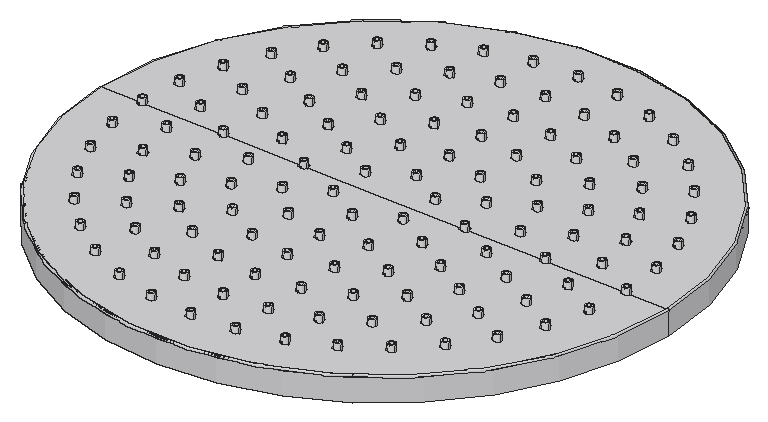
Revit family "Shower-Showerhead-KOHLER-Katalyst_Air-K-18359A_1", category Plumbing Fixtures, host Face, Revit 2017 (continued)
Definition of nested family "K-18359A"
  Lines and regions (in)
    symbolic lines, detail levels medium+fine
      curve 702: arc (-0.66276, -3.46971, 0) -> (-0.73914, -3.39333, 0) -> (-0.81552, -3.46971, 0) r 0.07638
      curve 703: arc (-0.77038, -2.74131, 0) -> (-0.73101, -2.70194, 0) -> (-0.69164, -2.74131, 0) r 0.03937
      curve 704: arc (-0.66998, -2.74131, 0) -> (-0.73101, -2.68028, 0) -> (-0.79203, -2.74131, 0) r 0.06102
      curve 705: arc (-0.65463, -2.74131, 0) -> (-0.73101, -2.66493, 0) -> (-0.80738, -2.74131, 0) r 0.07638
      curve 706: arc (-0.69164, -2.74131, 0) -> (-0.73101, -2.78068, 0) -> (-0.77038, -2.74131, 0) r 0.03937
      curve 707: arc (-0.79203, -2.74131, 0) -> (-0.73101, -2.80233, 0) -> (-0.66998, -2.74131, 0) r 0.06102
      curve 708: arc (-0.80738, -2.74131, 0) -> (-0.73101, -2.81768, 0) -> (-0.65463, -2.74131, 0) r 0.07638
      curve 709: arc (-0.74405, -1.22729, 0) -> (-0.70468, -1.18792, 0) -> (-0.66531, -1.22729, 0) r 0.03937
      curve 710: arc (0.80227, -1.99697, 0) -> (0.72589, -2.07335, 0) -> (0.64951, -1.99697, 0) r 0.07638
      curve 711: arc (3.48644, -0.373, 0) -> (3.52581, -0.41237, 0) -> (3.56518, -0.373, 0) r 0.03937
      curve 712: arc (3.56518, -0.373, 0) -> (3.52581, -0.33363, 0) -> (3.48644, -0.373, 0) r 0.03937
      curve 713: arc (3.58684, -0.373, 0) -> (3.52581, -0.43402, 0) -> (3.46479, -0.373, 0) r 0.06102
      curve 714: arc (3.60219, -0.373, 0) -> (3.52581, -0.44938, 0) -> (3.44943, -0.373, 0) r 0.07638
      curve 715: arc (3.46479, -0.373, 0) -> (3.52581, -0.31198, 0) -> (3.58684, -0.373, 0) r 0.06102
      curve 716: arc (3.44943, -0.373, 0) -> (3.52581, -0.29662, 0) -> (3.60219, -0.373, 0) r 0.07638
      curve 717: arc (4.15086, -0.74002, 0) -> (4.19023, -0.77939, 0) -> (4.2296, -0.74002, 0) r 0.03937
      curve 718: arc (4.25125, -0.74002, 0) -> (4.19023, -0.80104, 0) -> (4.12921, -0.74002, 0) r 0.06102
      curve 719: arc (4.26661, -0.74002, 0) -> (4.19023, -0.8164, 0) -> (4.11385, -0.74002, 0) r 0.07638
      curve 720: arc (4.2296, -0.74002, 0) -> (4.19023, -0.70065, 0) -> (4.15086, -0.74002, 0) r 0.03937
      curve 721: arc (4.12921, -0.74002, 0) -> (4.19023, -0.67899, 0) -> (4.25125, -0.74002, 0) r 0.06102
      curve 722: arc (4.11385, -0.74002, 0) -> (4.19023, -0.66364, 0) -> (4.26661, -0.74002, 0) r 0.07638
      curve 723: arc (3.95918, -1.45536, 0) -> (3.99855, -1.49473, 0) -> (4.03792, -1.45536, 0) r 0.03937
      curve 724: arc (4.07493, -1.45536, 0) -> (3.99855, -1.53174, 0) -> (3.92218, -1.45536, 0) r 0.07638
      curve 725: arc (4.07493, -1.45536, 0) -> (3.99855, -1.53174, 0) -> (3.92218, -1.45536, 0) r 0.07638
      curve 726: arc (4.05958, -1.45536, 0) -> (3.99855, -1.51639, 0) -> (3.93753, -1.45536, 0) r 0.06102
      curve 727: arc (4.03792, -1.45536, 0) -> (3.99855, -1.41599, 0) -> (3.95918, -1.45536, 0) r 0.03937
      curve 728: arc (3.93753, -1.45536, 0) -> (3.99855, -1.39434, 0) -> (4.05958, -1.45536, 0) r 0.06102
      curve 729: arc (3.92218, -1.45536, 0) -> (3.99855, -1.37898, 0) -> (4.07493, -1.45536, 0) r 0.07638
      curve 730: arc (3.40889, -1.09219, 0) -> (3.36952, -1.05282, 0) -> (3.33015, -1.09219, 0) r 0.03937
      curve 731: arc (3.33015, -1.09219, 0) -> (3.36952, -1.13156, 0) -> (3.40889, -1.09219, 0) r 0.03937
      curve 732: arc (3.43054, -1.09219, 0) -> (3.36952, -1.15321, 0) -> (3.3085, -1.09219, 0) r 0.06102
      curve 733: arc (3.4459, -1.09219, 0) -> (3.36952, -1.16857, 0) -> (3.29314, -1.09219, 0) r 0.07638
      curve 734: arc (3.3085, -1.09219, 0) -> (3.36952, -1.03117, 0) -> (3.43054, -1.09219, 0) r 0.06102
      curve 735: arc (3.29314, -1.09219, 0) -> (3.36952, -1.01581, 0) -> (3.4459, -1.09219, 0) r 0.07638
      curve 736: arc (2.81126, -0.7404, 0) -> (2.73488, -0.81678, 0) -> (2.6585, -0.7404, 0) r 0.07638
      curve 737: arc (2.7959, -0.7404, 0) -> (2.73488, -0.80143, 0) -> (2.67386, -0.7404, 0) r 0.06102
      curve 738: arc (2.69551, -0.7404, 0) -> (2.73488, -0.77977, 0) -> (2.77425, -0.7404, 0) r 0.03937
      curve 739: arc (2.77425, -0.7404, 0) -> (2.73488, -0.70103, 0) -> (2.69551, -0.7404, 0) r 0.03937
      curve 740: arc (2.67386, -0.7404, 0) -> (2.73488, -0.67938, 0) -> (2.7959, -0.7404, 0) r 0.06102
      curve 741: arc (2.6585, -0.7404, 0) -> (2.73488, -0.66402, 0) -> (2.81126, -0.7404, 0) r 0.07638
      curve 742: arc (2.05406, -0.37006, 0) -> (2.09343, -0.40943, 0) -> (2.1328, -0.37006, 0) r 0.03937
      curve 743: arc (2.1328, -0.37006, 0) -> (2.09343, -0.33069, 0) -> (2.05406, -0.37006, 0) r 0.03937
      curve 744: arc (2.15446, -0.37006, 0) -> (2.09343, -0.43109, 0) -> (2.03241, -0.37006, 0) r 0.06102
      curve 745: arc (2.16981, -0.37006, 0) -> (2.09343, -0.44644, 0) -> (2.01706, -0.37006, 0) r 0.07638
      curve 746: arc (2.03241, -0.37006, 0) -> (2.09343, -0.30904, 0) -> (2.15446, -0.37006, 0) r 0.06102
      curve 747: arc (2.01706, -0.37006, 0) -> (2.09343, -0.29369, 0) -> (2.16981, -0.37006, 0) r 0.07638
      curve 748: arc (0.57352, -0.35397, 0) -> (0.61289, -0.39334, 0) -> (0.65226, -0.35397, 0) r 0.03937
      curve 749: arc (0.65226, -0.35397, 0) -> (0.61289, -0.3146, 0) -> (0.57352, -0.35397, 0) r 0.03937
      curve 750: arc (0.67391, -0.35397, 0) -> (0.61289, -0.41499, 0) -> (0.55186, -0.35397, 0) r 0.06102
      curve 751: arc (0.55186, -0.35397, 0) -> (0.61289, -0.29294, 0) -> (0.67391, -0.35397, 0) r 0.06102
      curve 752: arc (0.68926, -0.35397, 0) -> (0.61289, -0.43034, 0) -> (0.53651, -0.35397, 0) r 0.07638
      curve 753: arc (0.53651, -0.35397, 0) -> (0.61289, -0.27759, 0) -> (0.68926, -0.35397, 0) r 0.07638
      curve 754: arc (1.18794, -0.7087, 0) -> (1.22731, -0.74807, 0) -> (1.26668, -0.7087, 0) r 0.03937
      curve 755: arc (1.26668, -0.7087, 0) -> (1.22731, -0.66933, 0) -> (1.18794, -0.7087, 0) r 0.03937
      curve 756: arc (1.28833, -0.7087, 0) -> (1.22731, -0.76973, 0) -> (1.16629, -0.7087, 0) r 0.06102
      curve 757: arc (1.16629, -0.7087, 0) -> (1.22731, -0.64768, 0) -> (1.28833, -0.7087, 0) r 0.06102
      curve 758: arc (1.30369, -0.7087, 0) -> (1.22731, -0.78508, 0) -> (1.15093, -0.7087, 0) r 0.07638
      curve 759: arc (1.15093, -0.7087, 0) -> (1.22731, -0.63233, 0) -> (1.30369, -0.7087, 0) r 0.07638
      curve 760: arc (1.80273, -1.06365, 0) -> (1.8421, -1.10302, 0) -> (1.88147, -1.06365, 0) r 0.03937
      curve 761: arc (1.88147, -1.06365, 0) -> (1.8421, -1.02428, 0) -> (1.80273, -1.06365, 0) r 0.03937
      curve 762: arc (1.90312, -1.06365, 0) -> (1.8421, -1.12468, 0) -> (1.78108, -1.06365, 0) r 0.06102
      curve 763: arc (1.78108, -1.06365, 0) -> (1.8421, -1.00263, 0) -> (1.90312, -1.06365, 0) r 0.06102
      curve 764: arc (1.76572, -1.06365, 0) -> (1.8421, -0.98728, 0) -> (1.91848, -1.06365, 0) r 0.07638
      curve 765: arc (1.91848, -1.06365, 0) -> (1.8421, -1.14003, 0) -> (1.76572, -1.06365, 0) r 0.07638
      curve 766: arc (2.41577, -1.4176, 0) -> (2.45514, -1.45697, 0) -> (2.49451, -1.4176, 0) r 0.03937
      curve 767: arc (2.51617, -1.4176, 0) -> (2.45514, -1.47862, 0) -> (2.39412, -1.4176, 0) r 0.06102
      curve 768: arc (2.53152, -1.4176, 0) -> (2.45514, -1.49397, 0) -> (2.37877, -1.4176, 0) r 0.07638
      curve 769: arc (2.49451, -1.4176, 0) -> (2.45514, -1.37823, 0) -> (2.41577, -1.4176, 0) r 0.03937
      curve 770: arc (2.39412, -1.4176, 0) -> (2.45514, -1.35657, 0) -> (2.51617, -1.4176, 0) r 0.06102
      curve 771: arc (2.37877, -1.4176, 0) -> (2.45514, -1.34122, 0) -> (2.53152, -1.4176, 0) r 0.07638
      curve 772: arc (3.13042, -1.77223, 0) -> (3.06939, -1.83325, 0) -> (3.00837, -1.77223, 0) r 0.06102
      curve 773: arc (3.14577, -1.77223, 0) -> (3.06939, -1.84861, 0) -> (2.99301, -1.77223, 0) r 0.07638
      curve 774: arc (3.03002, -1.77223, 0) -> (3.06939, -1.8116, 0) -> (3.10876, -1.77223, 0) r 0.03937
      curve 775: arc (3.10876, -1.77223, 0) -> (3.06939, -1.73286, 0) -> (3.03002, -1.77223, 0) r 0.03937
      curve 776: arc (3.00837, -1.77223, 0) -> (3.06939, -1.71121, 0) -> (3.13042, -1.77223, 0) r 0.06102
      curve 777: arc (2.99301, -1.77223, 0) -> (3.06939, -1.69585, 0) -> (3.14577, -1.77223, 0) r 0.07638
      curve 778: arc (3.7265, -2.12888, 0) -> (3.68713, -2.08951, 0) -> (3.64776, -2.12888, 0) r 0.03937
      curve 779: arc (3.64776, -2.12888, 0) -> (3.68713, -2.16825, 0) -> (3.7265, -2.12888, 0) r 0.03937
      curve 780: arc (3.74816, -2.12888, 0) -> (3.68713, -2.18991, 0) -> (3.62611, -2.12888, 0) r 0.06102
      curve 781: arc (3.76351, -2.12888, 0) -> (3.68713, -2.20526, 0) -> (3.61076, -2.12888, 0) r 0.07638
      curve 782: arc (3.62611, -2.12888, 0) -> (3.68713, -2.06786, 0) -> (3.74816, -2.12888, 0) r 0.06102
      curve 783: arc (3.61076, -2.12888, 0) -> (3.68713, -2.05251, 0) -> (3.76351, -2.12888, 0) r 0.07638
      curve 784: arc (0.66531, -1.22729, 0) -> (0.70468, -1.26666, 0) -> (0.74405, -1.22729, 0) r 0.03937
      curve 785: arc (0.74405, -1.22729, 0) -> (0.70468, -1.18792, 0) -> (0.66531, -1.22729, 0) r 0.03937
      curve 786: arc (0.7657, -1.22729, 0) -> (0.70468, -1.28831, 0) -> (0.64365, -1.22729, 0) r 0.06102
      curve 787: arc (0.78105, -1.22729, 0) -> (0.70468, -1.30367, 0) -> (0.6283, -1.22729, 0) r 0.07638
      curve 788: arc (0.64365, -1.22729, 0) -> (0.70468, -1.16627, 0) -> (0.7657, -1.22729, 0) r 0.06102
      curve 789: arc (0.6283, -1.22729, 0) -> (0.70468, -1.15091, 0) -> (0.78105, -1.22729, 0) r 0.07638
      curve 790: arc (1.40723, -1.62577, 0) -> (1.36786, -1.5864, 0) -> (1.32849, -1.62577, 0) r 0.03937
      curve 791: arc (1.30683, -1.62577, 0) -> (1.36786, -1.56475, 0) -> (1.42888, -1.62577, 0) r 0.06102
      curve 792: arc (1.29148, -1.62577, 0) -> (1.36786, -1.54939, 0) -> (1.44424, -1.62577, 0) r 0.07638
      curve 793: arc (1.32849, -1.62577, 0) -> (1.36786, -1.66514, 0) -> (1.40723, -1.62577, 0) r 0.03937
      curve 794: arc (1.42888, -1.62577, 0) -> (1.36786, -1.68679, 0) -> (1.30683, -1.62577, 0) r 0.06102
      curve 795: arc (1.44424, -1.62577, 0) -> (1.36786, -1.70215, 0) -> (1.29148, -1.62577, 0) r 0.07638
      curve 796: arc (0.78691, -1.99697, 0) -> (0.72589, -2.05799, 0) -> (0.66486, -1.99697, 0) r 0.06102
      curve 797: arc (0.68652, -1.99697, 0) -> (0.72589, -2.03634, 0) -> (0.76526, -1.99697, 0) r 0.03937
      curve 798: arc (0.76526, -1.99697, 0) -> (0.72589, -1.9576, 0) -> (0.68652, -1.99697, 0) r 0.03937
      curve 799: arc (0.66486, -1.99697, 0) -> (0.72589, -1.93595, 0) -> (0.78691, -1.99697, 0) r 0.06102
      curve 800: arc (0.64951, -1.99697, 0) -> (0.72589, -1.92059, 0) -> (0.80227, -1.99697, 0) r 0.07638
      curve 801: arc (1.37586, -2.45129, 0) -> (1.41523, -2.49066, 0) -> (1.4546, -2.45129, 0) r 0.03937
      curve 802: arc (1.47625, -2.45129, 0) -> (1.41523, -2.51231, 0) -> (1.3542, -2.45129, 0) r 0.06102
      curve 803: arc (1.49161, -2.45129, 0) -> (1.41523, -2.52767, 0) -> (1.33885, -2.45129, 0) r 0.07638
      curve 804: arc (1.4546, -2.45129, 0) -> (1.41523, -2.41192, 0) -> (1.37586, -2.45129, 0) r 0.03937
      curve 805: arc (1.3542, -2.45129, 0) -> (1.41523, -2.39027, 0) -> (1.47625, -2.45129, 0) r 0.06102
      curve 806: arc (1.33885, -2.45129, 0) -> (1.41523, -2.37491, 0) -> (1.49161, -2.45129, 0) r 0.07638
      curve 807: arc (1.96429, -2.0078, 0) -> (2.00366, -2.04717, 0) -> (2.04303, -2.0078, 0) r 0.03937
      curve 808: arc (2.06469, -2.0078, 0) -> (2.00366, -2.06882, 0) -> (1.94264, -2.0078, 0) r 0.06102
      curve 809: arc (2.08004, -2.0078, 0) -> (2.00366, -2.08418, 0) -> (1.92729, -2.0078, 0) r 0.07638
      curve 810: arc (2.04303, -2.0078, 0) -> (2.00366, -1.96843, 0) -> (1.96429, -2.0078, 0) r 0.03937
      curve 811: arc (1.94264, -2.0078, 0) -> (2.00366, -1.94678, 0) -> (2.06469, -2.0078, 0) r 0.06102
      curve 812: arc (1.92729, -2.0078, 0) -> (2.00366, -1.93142, 0) -> (2.08004, -2.0078, 0) r 0.07638
      curve 813: arc (3.30082, -2.73398, 0) -> (3.26145, -2.69461, 0) -> (3.22208, -2.73398, 0) r 0.03937
      curve 814: arc (3.20043, -2.73398, 0) -> (3.26145, -2.67296, 0) -> (3.32247, -2.73398, 0) r 0.06102
      curve 815: arc (3.18507, -2.73398, 0) -> (3.26145, -2.65761, 0) -> (3.33783, -2.73398, 0) r 0.07638
      curve 816: arc (3.22208, -2.73398, 0) -> (3.26145, -2.77335, 0) -> (3.30082, -2.73398, 0) r 0.03937
      curve 817: arc (3.32247, -2.73398, 0) -> (3.26145, -2.79501, 0) -> (3.20043, -2.73398, 0) r 0.06102
      curve 818: arc (3.33783, -2.73398, 0) -> (3.26145, -2.81036, 0) -> (3.18507, -2.73398, 0) r 0.07638
      curve 819: arc (2.59362, -2.37114, 0) -> (2.63299, -2.41051, 0) -> (2.67236, -2.37114, 0) r 0.03937
      curve 820: arc (2.69401, -2.37114, 0) -> (2.63299, -2.43216, 0) -> (2.57197, -2.37114, 0) r 0.06102
      curve 821: arc (2.70937, -2.37114, 0) -> (2.63299, -2.44752, 0) -> (2.55661, -2.37114, 0) r 0.07638
      curve 822: arc (2.67236, -2.37114, 0) -> (2.63299, -2.33177, 0) -> (2.59362, -2.37114, 0) r 0.03937
      curve 823: arc (2.57197, -2.37114, 0) -> (2.63299, -2.31012, 0) -> (2.69401, -2.37114, 0) r 0.06102
      curve 824: arc (2.55661, -2.37114, 0) -> (2.63299, -2.29476, 0) -> (2.70937, -2.37114, 0) r 0.07638
      curve 825: arc (2.65869, -3.26036, 0) -> (2.73507, -3.18399, 0) -> (2.81145, -3.26036, 0) r 0.07638
      curve 826: arc (2.67405, -3.26036, 0) -> (2.73507, -3.19934, 0) -> (2.79609, -3.26036, 0) r 0.06102
      curve 827: arc (2.77444, -3.26036, 0) -> (2.73507, -3.22099, 0) -> (2.6957, -3.26036, 0) r 0.03937
      curve 828: arc (2.6957, -3.26036, 0) -> (2.73507, -3.29973, 0) -> (2.77444, -3.26036, 0) r 0.03937
      curve 829: arc (2.79609, -3.26036, 0) -> (2.73507, -3.32139, 0) -> (2.67405, -3.26036, 0) r 0.06102
      curve 830: arc (2.81145, -3.26036, 0) -> (2.73507, -3.33674, 0) -> (2.65869, -3.26036, 0) r 0.07638
      curve 831: arc (2.04361, -2.86855, 0) -> (2.08298, -2.90792, 0) -> (2.12235, -2.86855, 0) r 0.03937
      curve 832: arc (2.14401, -2.86855, 0) -> (2.08298, -2.92957, 0) -> (2.02196, -2.86855, 0) r 0.06102
      curve 833: arc (2.15936, -2.86855, 0) -> (2.08298, -2.94493, 0) -> (2.0066, -2.86855, 0) r 0.07638
      curve 834: arc (2.12235, -2.86855, 0) -> (2.08298, -2.82918, 0) -> (2.04361, -2.86855, 0) r 0.03937
      curve 835: arc (2.02196, -2.86855, 0) -> (2.08298, -2.80753, 0) -> (2.14401, -2.86855, 0) r 0.06102
      curve 836: arc (2.0066, -2.86855, 0) -> (2.08298, -2.79217, 0) -> (2.15936, -2.86855, 0) r 0.07638
      curve 837: arc (1.48315, -3.24039, 0) -> (1.44378, -3.20102, 0) -> (1.40441, -3.24039, 0) r 0.03937
      curve 838: arc (1.3674, -3.24039, 0) -> (1.44378, -3.16402, 0) -> (1.52016, -3.24039, 0) r 0.07638
      curve 839: arc (1.3674, -3.24039, 0) -> (1.44378, -3.16402, 0) -> (1.52016, -3.24039, 0) r 0.07638
      curve 840: arc (1.38276, -3.24039, 0) -> (1.44378, -3.17937, 0) -> (1.5048, -3.24039, 0) r 0.06102
      curve 841: arc (1.40441, -3.24039, 0) -> (1.44378, -3.27976, 0) -> (1.48315, -3.24039, 0) r 0.03937
      curve 842: arc (1.5048, -3.24039, 0) -> (1.44378, -3.30142, 0) -> (1.38276, -3.24039, 0) r 0.06102
      curve 843: arc (1.52016, -3.24039, 0) -> (1.44378, -3.31677, 0) -> (1.3674, -3.24039, 0) r 0.07638
      curve 844: arc (2.09002, -3.68452, 0) -> (2.12939, -3.72389, 0) -> (2.16876, -3.68452, 0) r 0.03937
      curve 845: arc (2.16876, -3.68452, 0) -> (2.12939, -3.64515, 0) -> (2.09002, -3.68452, 0) r 0.03937
      curve 846: arc (2.06836, -3.68452, 0) -> (2.12939, -3.6235, 0) -> (2.19041, -3.68452, 0) r 0.06102
      curve 847: arc (2.05301, -3.68452, 0) -> (2.12939, -3.60815, 0) -> (2.20576, -3.68452, 0) r 0.07638
      curve 848: arc (2.19041, -3.68452, 0) -> (2.12939, -3.74555, 0) -> (2.06836, -3.68452, 0) r 0.06102
      curve 849: arc (2.20576, -3.68452, 0) -> (2.12939, -3.7609, 0) -> (2.05301, -3.68452, 0) r 0.07638
      curve 850: arc (1.4936, -3.99936, 0) -> (1.45423, -3.95999, 0) -> (1.41486, -3.99936, 0) r 0.03937
      curve 851: arc (1.37785, -3.99936, 0) -> (1.45423, -3.92298, 0) -> (1.53061, -3.99936, 0) r 0.07638
      curve 852: arc (1.37785, -3.99936, 0) -> (1.45423, -3.92298, 0) -> (1.53061, -3.99936, 0) r 0.07638
      curve 853: arc (1.41486, -3.99936, 0) -> (1.45423, -4.03873, 0) -> (1.4936, -3.99936, 0) r 0.03937
      curve 854: arc (1.53061, -3.99936, 0) -> (1.45423, -4.07573, 0) -> (1.37785, -3.99936, 0) r 0.07638
      curve 855: arc (1.51525, -3.99936, 0) -> (1.45423, -4.06038, 0) -> (1.3932, -3.99936, 0) r 0.06102
      curve 856: arc (1.3932, -3.99936, 0) -> (1.45423, -3.93833, 0) -> (1.51525, -3.99936, 0) r 0.06102
      curve 857: arc (0.69977, -4.19096, 0) -> (0.73914, -4.23033, 0) -> (0.77851, -4.19096, 0) r 0.03937
      curve 858: arc (0.80016, -4.19096, 0) -> (0.73914, -4.25199, 0) -> (0.67812, -4.19096, 0) r 0.06102
      curve 859: arc (0.81552, -4.19096, 0) -> (0.73914, -4.26734, 0) -> (0.66276, -4.19096, 0) r 0.07638
      curve 860: arc (0.77851, -4.19096, 0) -> (0.73914, -4.15159, 0) -> (0.69977, -4.19096, 0) r 0.03937
      curve 861: arc (0.67812, -4.19096, 0) -> (0.73914, -4.12994, 0) -> (0.80016, -4.19096, 0) r 0.06102
      curve 862: arc (0.66276, -4.19096, 0) -> (0.73914, -4.11459, 0) -> (0.81552, -4.19096, 0) r 0.07638
      curve 863: arc (0.69977, -3.46971, 0) -> (0.73914, -3.50908, 0) -> (0.77851, -3.46971, 0) r 0.03937
      curve 864: arc (0.80016, -3.46971, 0) -> (0.73914, -3.53073, 0) -> (0.67812, -3.46971, 0) r 0.06102
      curve 865: arc (0.81552, -3.46971, 0) -> (0.73914, -3.54609, 0) -> (0.66276, -3.46971, 0) r 0.07638
      curve 866: arc (0.77851, -3.46971, 0) -> (0.73914, -3.43034, 0) -> (0.69977, -3.46971, 0) r 0.03937
      curve 867: arc (0.67812, -3.46971, 0) -> (0.73914, -3.40868, 0) -> (0.80016, -3.46971, 0) r 0.06102
      curve 868: arc (0.66276, -3.46971, 0) -> (0.73914, -3.39333, 0) -> (0.81552, -3.46971, 0) r 0.07638
      curve 869: arc (0.77038, -2.74131, 0) -> (0.73101, -2.70194, 0) -> (0.69164, -2.74131, 0) r 0.03937
      curve 870: arc (0.66998, -2.74131, 0) -> (0.73101, -2.68028, 0) -> (0.79203, -2.74131, 0) r 0.06102
      curve 871: arc (0.65463, -2.74131, 0) -> (0.73101, -2.66493, 0) -> (0.80738, -2.74131, 0) r 0.07638
      curve 872: arc (0.69164, -2.74131, 0) -> (0.73101, -2.78068, 0) -> (0.77038, -2.74131, 0) r 0.03937
      curve 873: arc (0.79203, -2.74131, 0) -> (0.73101, -2.80233, 0) -> (0.66998, -2.74131, 0) r 0.06102
      curve 874: arc (0.80738, -2.74131, 0) -> (0.73101, -2.81768, 0) -> (0.65463, -2.74131, 0) r 0.07638
      curve 875: arc (0.74405, -1.22729, 0) -> (0.70468, -1.18792, 0) -> (0.66531, -1.22729, 0) r 0.03937
      curve 876: arc (-4.29444, 0, 0) -> (-4.25507, 0.03937, 0) -> (-4.2157, 0, 0) r 0.03937
      curve 877: arc (-4.19405, 0, 0) -> (-4.25507, 0.06102, 0) -> (-4.31609, 0, 0) r 0.06102
      curve 878: arc (-4.17869, 0, 0) -> (-4.25507, 0.07638, 0) -> (-4.33145, 0, 0) r 0.07638
      curve 879: arc (-4.2157, 0, 0) -> (-4.25507, -0.03937, 0) -> (-4.29444, 0, 0) r 0.03937
      curve 880: arc (-4.31609, 0, 0) -> (-4.25507, -0.06102, 0) -> (-4.19405, 0, 0) r 0.06102
      curve 881: arc (-4.33145, 0, 0) -> (-4.25507, -0.07638, 0) -> (-4.17869, 0, 0) r 0.07638
      curve 882: arc (-2.87157, 0, 0) -> (-2.8322, 0.03937, 0) -> (-2.79283, 0, 0) r 0.03937
      curve 883: arc (-2.77118, 0, 0) -> (-2.8322, 0.06102, 0) -> (-2.89322, 0, 0) r 0.06102
      curve 884: arc (-2.75582, 0, 0) -> (-2.8322, 0.07638, 0) -> (-2.90858, 0, 0) r 0.07638
      curve 885: arc (-2.79283, 0, 0) -> (-2.8322, -0.03937, 0) -> (-2.87157, 0, 0) r 0.03937
      curve 886: arc (-2.89322, 0, 0) -> (-2.8322, -0.06102, 0) -> (-2.77118, 0, 0) r 0.06102
      curve 887: arc (-2.90858, 0, 0) -> (-2.8322, -0.07638, 0) -> (-2.75582, 0, 0) r 0.07638
      curve 888: arc (-1.45425, 0, 0) -> (-1.41488, 0.03937, 0) -> (-1.37551, 0, 0) r 0.03937
      curve 889: arc (-1.35386, 0, 0) -> (-1.41488, 0.06102, 0) -> (-1.47591, 0, 0) r 0.06102
      curve 890: arc (-1.3385, 0, 0) -> (-1.41488, 0.07638, 0) -> (-1.49126, 0, 0) r 0.07638
      curve 891: arc (-1.37551, 0, 0) -> (-1.41488, -0.03937, 0) -> (-1.45425, 0, 0) r 0.03937
      curve 892: arc (-1.47591, 0, 0) -> (-1.41488, -0.06102, 0) -> (-1.35386, 0, 0) r 0.06102
      curve 893: arc (-1.49126, 0, 0) -> (-1.41488, -0.07638, 0) -> (-1.3385, 0, 0) r 0.07638
      curve 894: line (0, 0.45472, 0.53858) -> (0, -0.45472, 0.53858)
  Dimensions and locks (in)
    locked: plane 7 to plane 6 at 10
    locked: plane 6 to plane 3 "Center (Left/Right)" at 5
    locked: plane 8 to level at 2.55906  (x2)
    locked: plane 1 "Center (Front/Back)" to plane 4 at 5
    locked: plane 5 to plane 4 at 10
    aligned and locked: plane 2 to level
    aligned and locked: curve 208 to Extrusion 4
    aligned and locked: curve 255 to Extrusion 4
    aligned and locked: curve 319 to Extrusion 4
    aligned and locked: curve 334 to Extrusion 4
